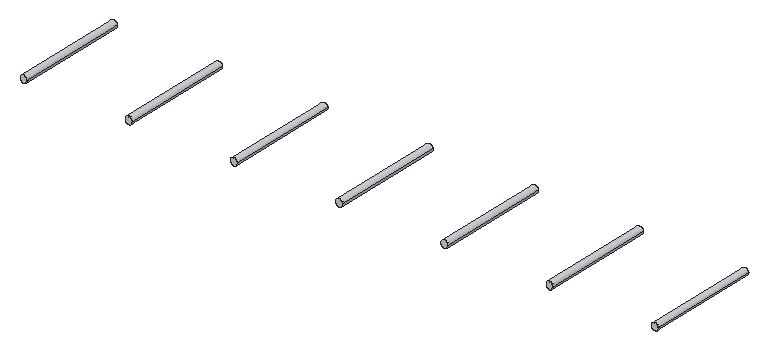
Revit family "Dorn_LD_20-320_Zn_p_i_t_4031213", category Generic Models, Revit 2019
Family settings
  Can host rebar = No
  Round Connector Dimension = Use Diameter
  Part Type = Normal
  Work Plane-Based = Yes
  Always vertical = No
  Cut with Voids When Loaded = No
  Shared = No
  Room Calculation Point = No
Parameters (values of type "20/320 Zn")
  Website Link [instance] = "https://haucon.dk/produkt/dorn-ld/"
  Total Width = 320 mm
  Total Length [instance] = 2440 mm
  Technical Data Sheet [instance] = "https://haucon.dk/wp-content/uploads/2018/02/TA-Dorn-LD-TI-DK.pdf"
  Metal = Steel, Galvanized
  Height Dowel [instance] = 0 mm
  Dowel count [instance] = (Total Length / Distance) - 1  # 7
  Distance from start [instance] = 300 mm
  Distance [instance] = 300 mm
  Diameter = 20 mm
  Default Elevation = 1219.2 mm
Types (5, lengths in mm): name | Website Link | Total Width | Metal | Diameter
  (no name) | "https://haucon.dk/produkt/dorn-ld/" | 320 | Steel, Galvanized | 20
  20/320 A4 | "https://haucon.dk/produkt/dorn-ld/#variations" | 320 | Stainless Steel A4 | 20
  16/270 A4 | "https://haucon.dk/produkt/dorn-ld/#variations" | 270 | Stainless Steel A4 | 16
  16/270 Zn | "https://haucon.dk/produkt/dorn-ld/#variations" | 270 | Steel, Galvanized | 16
  20/320 Zn | "https://haucon.dk/produkt/dorn-ld/" | 320 | Steel, Galvanized | 20
Reference planes
  plane 1 "Center (Front/Back)": y = 0
  plane 2: z = 0
  plane 3 "Center (Left/Right)": x = 0
  plane 4: x = 2440
  plane 5: x = 300
  plane 6: x = 600
  plane 7: x = 900
  plane 8: x = 1200
  plane 9: x = 1500
  plane 10: x = 1800
  plane 11: x = 2100
Dimensions and locks
  equal spacing: group 1, group 2, group 3, group 4, group 5, group 6, group 7  (x3)
  "Total Length": plane 3 "Center (Left/Right)" to plane 4
  "Distance from start": plane 3 "Center (Left/Right)" to plane 5
  "Distance": plane 5 to plane 6
  aligned and locked: level to plane 2
Nested families
  nested 1: "Family1" at (273.576, 0, 0), Diameter <- "Diameter", Height Dowel <- "Height Dowel", Total Width <- "Total Width", type "Family1"
    with Total Width 320 mm, Height Dowel 0 mm, Diameter 20 mm
  nested 2: "Family1" at (573.576, 0, 0), Diameter <- "Diameter", Height Dowel <- "Height Dowel", Total Width <- "Total Width", type "Family1"
    with Total Width 320 mm, Height Dowel 0 mm, Diameter 20 mm
  nested 3: "Family1" at (873.576, 0, 0), Diameter <- "Diameter", Height Dowel <- "Height Dowel", Total Width <- "Total Width", type "Family1"
    with Total Width 320 mm, Height Dowel 0 mm, Diameter 20 mm
  nested 4: "Family1" at (1173.576, 0, 0), Diameter <- "Diameter", Height Dowel <- "Height Dowel", Total Width <- "Total Width", type "Family1"
    with Total Width 320 mm, Height Dowel 0 mm, Diameter 20 mm
  nested 5: "Family1" at (1473.576, 0, 0), Diameter <- "Diameter", Height Dowel <- "Height Dowel", Total Width <- "Total Width", type "Family1"
    with Total Width 320 mm, Height Dowel 0 mm, Diameter 20 mm
  nested 6: "Family1" at (1773.576, 0, 0), Diameter <- "Diameter", Height Dowel <- "Height Dowel", Total Width <- "Total Width", type "Family1"
    with Total Width 320 mm, Height Dowel 0 mm, Diameter 20 mm
  nested 7: "Family1" at (2073.576, 0, 0), Diameter <- "Diameter", Height Dowel <- "Height Dowel", Total Width <- "Total Width", type "Family1"
    with Total Width 320 mm, Height Dowel 0 mm, Diameter 20 mm
Definition of nested family "Family1"
  Parameters (values of type "Family1")
    Total Width [instance] = 320 mm
    Height Dowel [instance] = 100 mm
    Diameter [instance] = 20 mm
    Default Elevation = 1219.2 mm
  Reference planes
    plane 1 "Center (Front/Back)": y = 0
    plane 2: z = 0
    plane 3 "Center (Left/Right)": x = 0
    plane 4: y = 160
    plane 5: y = -160
    plane 6: x = -140
    plane 7: x = 140
    plane 8 "Dowel Height": z = 100
  Forms (mm)
    Extrusion 1, solid
      sketch origin (8.617, 0, 0) x (1, 0, 0) y (0, 0, 1)
        loop
          circle (17.807, 100) r 10
      from -160 to 160
  Dimensions and locks
    plane 6 to plane 7 = 280 mm
    equal spacing: plane 6, plane 3 "Center (Left/Right)", plane 7
    equal spacing: plane 4, plane 1 "Center (Front/Back)", plane 5
    "Total Width": plane 4 to plane 5
    "Height Dowel": plane 8 "Dowel Height" to level
    "Diameter": diameter of Extrusion 1 sketch curve
    aligned and locked: level to plane 2
    aligned and locked: plane 8 "Dowel Height" to Extrusion 1
    aligned and locked: plane 4 to Extrusion 1
    aligned and locked: plane 5 to Extrusion 1
  Automatic sketch dimensions
    Extrusion 1 sketch curve to plane 8 "Dowel Height" = 0 mm
    plane 3 "Center (Left/Right)" to Extrusion 1 sketch curve = 26.424 mm
